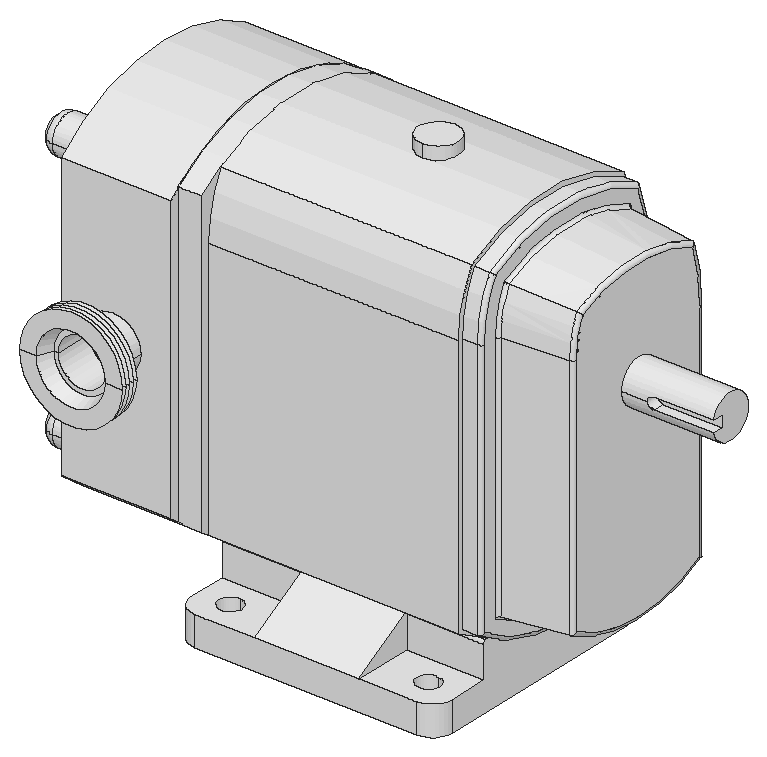
Revit family "MIT MLP 20 - Lobe Pump ", category Specialty Equipment, Revit 2022
Family settings
  Round Connector Dimension = Use Diameter
  Part Type = Normal
  Work Plane-Based = No
  Always vertical = Yes
  Cut with Voids When Loaded = No
  Maintain Annotation Orientation = No
  Shared = No
  Room Calculation Point = No
Parameters
  URL = "https://en.ekinendustriyel.com/lobe-pumps/lobe-pumps"
  Pressure = 20.0 bar  # constant formula
  Motor Power = 3 kW  # constant formula
  Model = "MLP-20-TUL"
  Manufacturer = "Ekin Endüstriyel"
  Keynote = "Double Serpentine Heater Tank"
  Flow = 2.0 m³/h  # constant formula
  Description = "MIT MLP 20 - Lobe Pump"
  Default Elevation = 0 mm
Reference planes
  plane 1 "Center (Front/Back)": y = 0
  plane 2: z = 0
  plane 3 "Center (Left/Right)": x = 0
Forms (mm)
  Extrusion 1, solid, material "Ekin Endüstriyel_StainlesSteel", detail levels medium+fine
    sketch origin (0, 0, 0) x (1, 0, 0) y (0, 1, 0)
      loop
        arc (-74.75, -55) -> (-71.821, -62.071) -> (-64.75, -65) r 10
        line (-64.75, -65) -> (47.25, -65)
        arc (47.25, -65) -> (54.321, -62.071) -> (57.25, -55) r 10
        line (57.25, -55) -> (57.25, 55)
        arc (57.25, 55) -> (54.321, 62.071) -> (47.25, 65) r 10
        line (47.25, 65) -> (-64.75, 65)
        arc (-64.75, 65) -> (-71.821, 62.071) -> (-74.75, 55) r 10
        line (-74.75, 55) -> (-74.75, -55)
      loop
        circle (-58.75, 50) r 6
      loop
        circle (41.25, 50) r 6
      loop
        circle (41.25, -50) r 6
      loop
        circle (-58.75, -50) r 6
    from 0 to 15
  Extrusion 2, solid, material "Ekin Endüstriyel_StainlesSteel", detail levels medium+fine
    sketch origin (0, 0, 0) x (0, 1, 0) y (0, 0, 1)
      loop
        arc (65, 198) -> (0, 223) -> (-65, 198) r 97
        line (-65, 198) -> (-65, 54)
        arc (-65, 54) -> (0, 29) -> (65, 54) r 97
        line (65, 54) -> (65, 198)
    from -77.25 to -132.25
  Extrusion 3, solid, material "Ekin Endüstriyel_StainlesSteel", detail levels medium+fine
    sketch origin (0, 0, 0) x (0, 1, 0) y (0, 0, 1)
      loop
        arc (-60, 49.783) -> (0, 29) -> (60, 49.783) r 97
        line (60, 49.783) -> (60, 202.217)
        arc (60, 202.217) -> (0, 223) -> (-60, 202.217) r 97
        line (-60, 202.217) -> (-60, 49.783)
    from -77.25 to -65.25
  Extrusion 4, solid, material "Ekin Endüstriyel_StainlesSteel", detail levels medium+fine
    sketch origin (0, 0, 0) x (0, 1, 0) y (0, 0, 1)
      loop
        arc (-48, 210.291) -> (-53.968, 195.324) -> (-56, 179.34) r 63.873
        line (-56, 179.34) -> (-56, 46.798)
        arc (-56, 46.798) -> (0, 29) -> (56, 46.798) r 97
        line (56, 46.798) -> (56, 169.858)
        arc (56, 169.858) -> (53.981, 190.467) -> (48, 210.291) r 106.175
        arc (48, 210.291) -> (0, 223) -> (-48, 210.291) r 97
    from -65.25 to 61.25
  Sweep 5, solid, material "Ekin Endüstriyel_StainlesSteel", detail levels medium+fine
    path in 3D
      loop
        arc (61.25, 48, 210.291) -> (61.25, 53.981, 190.467) -> (61.25, 56, 169.858) r 106.175
        line (61.25, 56, 169.858) -> (61.25, 56, 46.798)
        arc (61.25, 56, 46.798) -> (61.25, 0, 29) -> (61.25, -56, 46.798) r 97
        line (61.25, -56, 46.798) -> (61.25, -56, 179.34)
        arc (61.25, -56, 179.34) -> (61.25, -53.968, 195.324) -> (61.25, -48, 210.291) r 63.873
        arc (61.25, -48, 210.291) -> (61.25, 0, 223) -> (61.25, 48, 210.291) r 97
    profile origin (61.25, 0, 223) x (0, 0, 1) y (1, 0, 0)
      loop
        line (-2, 0) -> (-2, 8.024)
        arc (-2, 8.024) -> (-2.579, 9.421) -> (-3.976, 10) r 1.976
        line (-3.976, 10) -> (-10.321, 10)
        arc (-10.321, 10) -> (-11.52, 10.466) -> (-12.09, 11.621) r 1.775
        line (-12.09, 11.621) -> (-14.932, 44.115)
        arc (-14.932, 44.115) -> (-15.609, 45.488) -> (-17.035, 46.042) r 2.111
        line (-17.035, 46.042) -> (-20.9, 46.042) -> (-20.9, 0) -> (-2, 0)
  Extrusion 6, solid, material "Ekin Endüstriyel_StainlesSteel", detail levels medium+fine
    sketch origin (0, 0, 0) x (0, 1, 0) y (0, 0, 1)
      loop
        arc (-32.156, 194.972) -> (-34.357, 187.294) -> (-35.1, 179.34) r 42.973
        line (-35.1, 179.34) -> (-35.1, 58.478)
        arc (-35.1, 58.478) -> (0, 49.9) -> (35.1, 58.478) r 76.1
        line (35.1, 58.478) -> (35.1, 169.858)
        arc (35.1, 169.858) -> (34.114, 182.788) -> (31.179, 195.419) r 85.275
        arc (31.179, 195.419) -> (-0.537, 202.098) -> (-32.156, 194.972) r 76.1
    from 61.25 to 107.292
  Revolve 7, solid, material "Ekin Endüstriyel_StainlesSteel", detail levels fine
    sketch origin (0, 0, 123.125) x (1, 0, 0) y (0, 1, 0)
      loop
        line (-120.254, 65) -> (-118.373, 65) -> (-118.373, 84.098) -> (-120.99, 84.098) -> (-123.675, 91.477) -> (-132.114, 91.477) -> (-129.755, 90.114) -> (-131.758, 88.958) -> (-129.755, 87.801) -> (-131.758, 86.644) -> (-129.753, 85.487) -> (-131.758, 84.329) -> (-129.755, 83.172) -> (-131.758, 82.016) -> (-129.99, 80.995) -> (-120.254, 80.995) -> (-120.254, 65)
      axis (-106.268, 65) -> (-106.268, 91.477)
    angle from 0 to 360
  Revolve 8, solid, material "Ekin Endüstriyel_StainlesSteel", detail levels fine
    sketch origin (0, 0, 123.125) x (1, 0, 0) y (0, 1, 0)
      loop
        line (-120.254, -65) -> (-120.254, -80.995) -> (-129.99, -80.995) -> (-131.758, -82.016) -> (-129.755, -83.172) -> (-131.758, -84.329) -> (-129.753, -85.487) -> (-131.758, -86.644) -> (-129.755, -87.801) -> (-131.758, -88.958) -> (-129.755, -90.114) -> (-132.114, -91.477) -> (-123.675, -91.477) -> (-120.99, -84.098) -> (-118.373, -84.098) -> (-118.373, -65) -> (-120.254, -65)
      axis (-106.268, -65) -> (-106.268, -91.477)
    angle from 0 to 360
  Revolve 9, solid, material "Ekin Endüstriyel_StainlesSteel", detail levels medium+fine
    sketch origin (0, 0, 60.254) x (1, 0, 0) y (0, 1, 0)
      loop
        line (-132.25, 49.796) -> (-148.846, 49.796)
        arc (-148.846, 49.796) -> (-150.797, 49.517) -> (-152.592, 48.703) r 6.969
        arc (-152.592, 48.703) -> (-156.06, 44.961) -> (-157.25, 40) r 10.079
        line (-157.25, 40) -> (-132.25, 40) -> (-132.25, 49.796)
      axis (-132.25, 40) -> (-157.25, 40)
    angle from 0 to 360
  Revolve 10, solid, material "Ekin Endüstriyel_StainlesSteel", detail levels medium+fine
    sketch origin (0, 0, 191.816) x (1, 0, 0) y (0, 1, 0)
      loop
        line (-132.25, 49.796) -> (-148.846, 49.796)
        arc (-148.846, 49.796) -> (-150.797, 49.517) -> (-152.592, 48.703) r 6.969
        arc (-152.592, 48.703) -> (-156.06, 44.961) -> (-157.25, 40) r 10.079
        line (-157.25, 40) -> (-132.25, 40) -> (-132.25, 49.796)
      axis (-132.25, 40) -> (-157.25, 40)
    angle from 0 to 360
  Revolve 11, solid, material "Ekin Endüstriyel_StainlesSteel", detail levels medium+fine
    sketch origin (0, 0, 60.254) x (1, 0, 0) y (0, 1, 0)
      loop
        line (-132.25, -49.796) -> (-132.25, -40) -> (-157.25, -40)
        arc (-157.25, -40) -> (-156.06, -44.961) -> (-152.592, -48.703) r 10.079
        arc (-152.592, -48.703) -> (-150.797, -49.517) -> (-148.846, -49.796) r 6.969
        line (-148.846, -49.796) -> (-132.25, -49.796)
      axis (-132.25, -40) -> (-157.25, -40)
    angle from 0 to 360
  Revolve 12, solid, material "Ekin Endüstriyel_StainlesSteel", detail levels medium+fine
    sketch origin (0, 0, 191.816) x (1, 0, 0) y (0, 1, 0)
      loop
        line (-132.25, -49.796) -> (-132.25, -40) -> (-157.25, -40)
        arc (-157.25, -40) -> (-156.06, -44.961) -> (-152.592, -48.703) r 10.079
        arc (-152.592, -48.703) -> (-150.797, -49.517) -> (-148.846, -49.796) r 6.969
        line (-148.846, -49.796) -> (-132.25, -49.796)
      axis (-132.25, -40) -> (-157.25, -40)
    angle from 0 to 360
  Extrusion 13, solid, material "Ekin Endüstriyel_StainlesSteel"
    sketch origin (-132.25, 0, 0) x (0, -1, 0) y (0, 0, 1)
      loop
        circle (0, 126) r 50
    from 0 to 10
  Extrusion 14, solid, material "Ekin Endüstriyel_StainlesSteel", detail levels fine
    sketch origin (107.25, 0, 153) x (0, 0, 1) y (0, 1, 0)
      loop
        circle (0, 0) r 11
    from -46.5 to 0
  Extrusion 15, void
    sketch origin (0, 0, 0) x (1, 0, 0) y (0, 0, 1)
      loop
        line (153.75, 156) -> (123.75, 156)
        arc (123.75, 156) -> (120.75, 153) -> (123.75, 150) r 3
        line (123.75, 150) -> (153.75, 150) -> (153.75, 156)
    from 5 to 13.662
  Extrusion 16, solid, material "Ekin Endüstriyel_StainlesSteel", detail levels medium+fine
    sketch origin (0, 0, 0) x (0, 1, 0) y (0, 0, 1)
      loop
        line (65, 15) -> (31.591, 34.289)
        arc (31.591, 34.289) -> (0, 29) -> (-31.591, 34.289) r 97
        line (-31.591, 34.289) -> (-65, 15) -> (65, 15)
    from -34.655 to 18.194
  Extrusion 17, solid, material "Ekin Endüstriyel_StainlesSteel", detail levels medium+fine
    sketch origin (0, 0, 0) x (0, 1, 0) y (0, 0, 1)
      loop
        line (34.031, 32.88) -> (31.591, 34.289)
        arc (31.591, 34.289) -> (0, 29) -> (-31.591, 34.289) r 97
        line (-31.591, 34.289) -> (-34.032, 32.879)
        arc (-34.032, 32.879) -> (-34.741, 32.171) -> (-35, 31.203) r 1.936
        line (-35, 31.203) -> (-35, 15) -> (35, 15) -> (35, 31.202)
        arc (35, 31.202) -> (34.74, 32.171) -> (34.031, 32.88) r 1.937
    from -74.75 to 57.25
  Extrusion 18, solid, material "Ekin Endüstriyel_StainlesSteel", detail levels medium+fine
    sketch origin (0, 0, 0) x (1, 0, 0) y (0, 1, 0)
      loop
        circle (6.25, 0) r 10
    from 222.176 to 229
  Extrusion 19, solid, material "Ekin Endüstriyel_StainlesSteel", detail levels medium
    sketch origin (0, 0, 0) x (1, 0, 0) y (0, 0, 1)
      loop
        circle (-106.268, 123.125) r 25.846
      loop
        circle (-106.268, 123.125) r 17.408
    from 65 to 91.477
  Extrusion 20, solid, material "Ekin Endüstriyel_StainlesSteel", detail levels medium
    sketch origin (0, 0, 0) x (1, 0, 0) y (0, 0, -1)
      loop
        circle (-106.268, -123.125) r 25.846
      loop
        circle (-106.268, -123.125) r 17.408
    from 65 to 91.477
  Extrusion 21, solid, material "Ekin Endüstriyel_StainlesSteel", detail levels coarse+medium
    sketch origin (-132.25, 0, 0) x (0, -1, 0) y (0, 0, 1)
      loop
        circle (-40, 191.816) r 9.796
      loop
        circle (40, 191.816) r 9.796
      loop
        circle (40, 60.254) r 9.796
      loop
        circle (-40, 60.254) r 9.796
    from 0 to 25.637
  Extrusion 22, solid, material "Ekin Endüstriyel_StainlesSteel", detail levels coarse+medium
    sketch origin (107.25, 0, 153) x (0, 0, 1) y (0, 1, 0)
      loop
        circle (0, 0) r 11
    from -46.5 to 0
  Extrusion 23, solid, material "Ekin Endüstriyel_StainlesSteel", detail levels coarse
    sketch origin (0, 0, 0) x (0, 1, 0) y (0, 0, 1)
      loop
        arc (65, 198) -> (0, 223) -> (-65, 198) r 97
        line (-65, 198) -> (-65, 54)
        arc (-65, 54) -> (0, 29) -> (65, 54) r 97
        line (65, 54) -> (65, 198)
    from 107.25 to -132.25
  Extrusion 24, solid, material "Ekin Endüstriyel_StainlesSteel", detail levels coarse
    sketch origin (0, 0, 0) x (1, 0, 0) y (0, 0, 1)
      loop
        circle (-106.268, 123.125) r 25.846
    from 65 to 91.477
  Extrusion 25, solid, material "Ekin Endüstriyel_StainlesSteel", detail levels coarse
    sketch origin (0, 0, 0) x (1, 0, 0) y (0, 0, -1)
      loop
        circle (-106.268, -123.125) r 25.846
    from 65 to 91.477
  Extrusion 26, solid, material "Ekin Endüstriyel_StainlesSteel", detail levels coarse
    sketch origin (0, 0, 0) x (1, 0, 0) y (0, 1, 0)
      loop
        arc (-74.75, -55) -> (-71.821, -62.071) -> (-64.75, -65) r 10
        line (-64.75, -65) -> (47.25, -65)
        arc (47.25, -65) -> (54.321, -62.071) -> (57.25, -55) r 10
        line (57.25, -55) -> (57.25, 55)
        arc (57.25, 55) -> (54.321, 62.071) -> (47.25, 65) r 10
        line (47.25, 65) -> (-64.75, 65)
        arc (-64.75, 65) -> (-71.821, 62.071) -> (-74.75, 55) r 10
        line (-74.75, 55) -> (-74.75, -55)
    from 0 to 15
  Extrusion 27, solid, material "Ekin Endüstriyel_StainlesSteel", detail levels coarse
    sketch origin (0, 0, 0) x (0, 1, 0) y (0, 0, 1)
      loop
        line (34.031, 32.88) -> (31.591, 34.289)
        arc (31.591, 34.289) -> (0, 29) -> (-31.591, 34.289) r 97
        line (-31.591, 34.289) -> (-34.032, 32.879)
        arc (-34.032, 32.879) -> (-34.741, 32.171) -> (-35, 31.203) r 1.936
        line (-35, 31.203) -> (-35, 15) -> (35, 15) -> (35, 31.202)
        arc (35, 31.202) -> (34.74, 32.171) -> (34.031, 32.88) r 1.937
    from -74.75 to 57.25
Cuts and joins
  joined: Sweep 5, Extrusion 6
  Extrusion 15 cuts Extrusion 14
  joined: Extrusion 3, Extrusion 4, Extrusion 18
  joined: Extrusion 1, Extrusion 16, Extrusion 17
Lines and regions (mm)
  sketch lines
    curve 1: arc (61.25, -48, 210.291) -> (61.25, 0, 223) -> (61.25, 48, 210.291) r 97
    curve 2: arc (61.25, -56, 179.34) -> (61.25, -53.968, 195.324) -> (61.25, -48, 210.291) r 63.873
    curve 3: line (61.25, -56, 179.34) -> (61.25, -56, 46.798)
    curve 4: arc (61.25, 56, 46.798) -> (61.25, 0, 29) -> (61.25, -56, 46.798) r 97
    curve 5: line (61.25, 56, 46.798) -> (61.25, 56, 169.858)
    curve 6: arc (61.25, 48, 210.291) -> (61.25, 53.981, 190.467) -> (61.25, 56, 169.858) r 106.175
Dimensions and locks
  aligned and locked: level to plane 2
Connectors
  piping at (-106.268, -91.477, 123.125), diameter 25.4
    settings: on Extrusion 19, index 1, connector inside diameter 609.6 mm, connector length 0 mm, flow factor 0, pipe flow 0.0 m³/h, pressure drop 0.0 bar, fitting loss kfactor 0, connector angle 0.00°, fixture units 0, engagement length 0 mm, angle of deflection 0.00°, flow configuration 0, flow direction 0, fitting loss method 0, system type 7, joint type 0, gender type 0, connector reference index -1, connector utility 0, adjustable connector no, is connector primary yes, connector description ""
  piping at (-106.268, 91.477, 123.125), diameter 25.4
    settings: on Extrusion 20, index 2, connector inside diameter 609.6 mm, connector length 0 mm, flow factor 0, pipe flow 0.0 m³/h, pressure drop 0.0 bar, fitting loss kfactor 0, connector angle 0.00°, fixture units 0, engagement length 0 mm, angle of deflection 0.00°, flow configuration 0, flow direction 0, fitting loss method 0, system type 7, joint type 0, gender type 0, connector reference index -1, connector utility 0, adjustable connector no, is connector primary no, connector description ""
